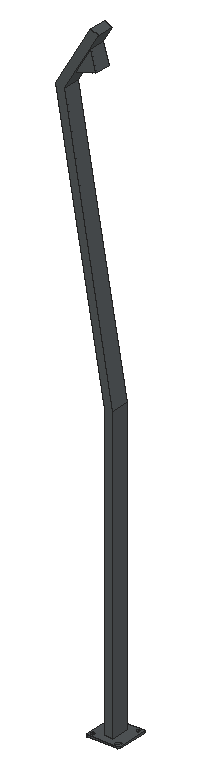
Revit family "Брейк", category Осветительные приборы, Revit 2019 (continued)
Types (3, lengths in mm): name | Файл фотометрической сетки | built-in parameter 1150105 | Lumens | built-in parameter 1150106 | built-in parameter 1150142 | Wattage | ADSK_Фактическая мощность | ADSK_Номинальная мощность | ADSK_Наименование | ADSK_Масса_Текст | ADSK_Масса | ADSK_Артикул | 60вт
  (no name) | "DTU-159-AF Break 30W 150х70 2700K.ies" | 262.61 (stored number, unit not read) | 3300 lm | 2.6261 (stored number, unit not read) | "IESNA:LM-63-1995\r\n[TEST]\t\tALF\r\n[MANUFAC]\tALFRESCO\r\n[LUMCAT]\tDTU-159-AF Break\r\n[LUMINAIRE]\tDTU-159-AF Break 30W 150?70 2700K\r\n[LAMP]\t\tLED Seoul Semiconductor љСWE\r\n[DATE]\t\tLDT Editor version 1.3.0.0 - DIAL GmbH (www.dial.de) on 20-07-2022\r\n[OTHER]\t\tEULUMDAT file: E:\\АРХИВ IES и 3d\\декоративные\\Брейк ДТУ-159\\DTU-159-AF\r\n Break 30W 150х70 2700K.ldt\r\nTILT=NONE\r\n1 3453.1 3.453 91 72 1 2 0.10 0.10 0.00\r\n1.0 1 28.8\r\n0.0 1.0 2.0 3.0 4.0 5.0 6.0 7.0 8.0 9.0 10.0 11.0 12.0 13.0 14.0 15.0 16.0 17.0 18.0 19.0 20.0 21.0 22.0 23.0 24.0 25.0 26.0 27.0\r\n 28.0 29.0 30.0 31.0 32.0 33.0 34.0 35.0 36.0 37.0 38.0 39.0 40.0 41.0 42.0 43.0 44.0 45.0 46.0 47.0 48.0 49.0 50.0 51.0 52.0 53.0\r\n 54.0 55.0 56.0 57.0 58.0 59.0 60.0 61.0 62.0 63.0 64.0 65.0 66.0 67.0 68.0 69.0 70.0 71.0 72.0 73.0 74.0 75.0 76.0 77.0 78.0 79.0\r\n 80.0 81.0 82.0 83.0 84.0 85.0 86.0 87.0 88.0 89.0 90.0\r\n0.0 5.0 10.0 15.0 20.0 25.0 30.0 35.0 40.0 45.0 50.0 55.0 60.0 65.0 70.0 75.0 80.0 85.0 90.0 95.0 100.0 105.0 110.0 115.0 120.0\r\n 125.0 130.0 135.0 140.0 145.0 150.0 155.0 160.0 165.0 170.0 175.0 180.0 185.0 190.0 195.0 200.0 205.0 210.0 215.0 220.0 225.0\r\n 230.0 235.0 240.0 245.0 250.0 255.0 260.0 265.0 270.0 275.0 280.0 285.0 290.0 295.0 300.0 305.0 310.0 315.0 320.0 325.0 330.0\r\n 335.0 340.0 345.0 350.0 355.0 360.0\r\n325.0 291.3 261.2 236.1 215.4 197.8 183.6 174.5 170.9 169.9 168.6 165.4 160.8 155.3 148.2 138.6 127.2 115.6 105.9 98.9 94.8 93.1\r\n 92.8 93.0 93.3 93.8 94.2 93.6 91.5 88.0 84.8 82.7 81.8 81.1 80.1 78.3 75.6 72.0 68.3 65.0 62.6 60.7 58.8 56.4 53.5 50.4 47.1 44.2\r\n 42.0 41.0 41.0 41.4 41.5 41.0 39.8 38.5 37.1 36.1 35.7 36.0 37.2 39.3 42.4 46.2 50.5 55.1 59.5 63.1 65.2 65.9 65.2 63.1 59.4 53.8\r\n 46.8 39.5 33.0 27.4 23.0 19.4 16.4 14.1 12.3 11.1 10.1 9.2 8.1 6.9 5.7 4.5 4.3\r\n325.0 291.3 262.8 240.5 221.6 203.8 188.1 177.2 172.0 169.9 168.0 165.2 161.3 156.8 150.2 141.2 130.2 118.8 108.5 100.8 96.1 94.1\r\n 93.8 93.9 93.7 93.2 92.6 91.5 89.4 86.7 84.3 82.9 82.3 81.5 80.3 78.1 75.3 71.6 67.8 64.4 61.8 59.7 57.6 55.2 52.3 49.3 46.3 43.8\r\n 42.1 41.3 41.3 41.5 41.5 40.9 39.8 38.6 37.5 36.8 36.5 36.8 37.8 39.5 42.0 45.3 49.4 53.8 58.2 61.8 64.2 65.1 64.5 62.4 58.6 53.0\r\n 46.3 39.3 32.9 27.4 22.9 19.3 16.4 14.2 12.5 11.3 10.4 9.5 8.4 7.1 5.9 4.9 3.3\r\n325.0 290.1 262.4 242.8 227.4 211.7 196.2 183.6 175.5 171.1 168.1 165.6 162.7 159.4 154.1 146.7 136.6 125.1 113.7 104.3 98.3 95.9\r\n 95.6 95.7 95.1 93.8 92.1 90.3 88.1 85.8 84.1 83.1 82.6 81.8 80.5 78.2 75.3 71.7 68.0 64.5 61.8 59.5 57.1 54.5 51.7 48.8 46.1 44.0\r\n 42.6 42.0 41.7 41.6 41.3 40.8 39.9 39.0 38.4 38.1 38.1 38.3 38.8 39.8 41.5 44.0 47.5 51.5 55.6 59.0 61.3 62.4 62.0 60.1 56.5 51.4\r\n 45.3 38.9 32.9 27.5 23.1 19.6 16.8 14.6 13.0 11.7 10.8 9.8 8.7 7.4 6.3 5.3 5.3\r\n325.0 288.2 260.0 242.1 230.6 219.1 206.1 192.8 181.9 174.5 169.9 167.1 164.6 162.2 158.3 152.8 144.1 132.9 120.3 109.2 101.6 98.2\r\n 97.5 97.5 96.7 94.9 92.5 90.0 87.5 85.4 83.8 83.0 82.5 81.6 80.2 77.8 75.0 71.5 68.2 65.0 62.3 59.7 57.1 54.3 51.4 48.6 46.2 44.4\r\n 43.2 42.3 41.7 41.2 40.7 40.1 39.4 38.8 38.5 38.6 38.9 39.0 39.1 39.3 40.1 41.8 44.5 47.8 51.2 54.1 56.4 57.7 57.7 56.2 53.3 49.0\r\n 43.8 38.2 32.7 27.6 23.3 20.0 17.3 15.1 13.4 12.1 11.1 10.2 9.1 7.9 6.7 5.7 4.7\r\n325.0 288.1 259.3 241.6 232.5 225.4 215.8 202.9 190.1 180.4 174.3 170.9 168.0 165.5 162.2 157.8 150.5 139.9 127.1 114.9 106.1\r\n 101.4 99.7 99.3 98.1 96.0 93.1 90.2 87.4 85.1 83.4 82.4 81.8 80.8 79.2 76.6 73.7 70.5 67.6 64.9 62.4 59.8 57.0 54.1 51.3 48.6\r\n 46.3 44.6 43.3 42.2 41.1 40.0 39.0 38.2 37.4 36.8 36.6 36.9 37.4 37.5 37.3 37.1 37.2 38.2 39.9 42.1 44.6 47.1 49.3 50.8 51.4 50.6\r\n 48.6 45.5 41.5 36.8 31.9 27.2 23.2 20.0 17.5 15.3 13.7 12.4 11.4 10.4 9.4 8.3 7.2 6.2 4.7\r\n325.0 290.3 261.7 243.0 234.4 229.7 223.1 211.7 198.8 188.3 181.6 177.4 173.4 169.6 165.7 161.5 155.1 145.6 133.7 121.8 112.2\r\n 106.1 103.0 101.6 99.8 97.2 93.8 90.5 87.4 85.0 83.1 81.9 81.1 80.0 78.0 75.0 71.7 68.5 65.9 63.7 61.6 59.2 56.5 53.8 51.0 48.5\r\n 46.3 44.6 43.0 41.5 39.9 38.2 36.8 35.5 34.5 33.6 33.2 33.3 33.6 33.8 33.5 33.0 32.8 33.1 33.9 35.2 36.7 38.6 40.8 42.5 43.6 43.5\r\n 42.5 40.5 37.8 34.1 29.9 25.8 22.3 19.4 17.1 15.1 13.5 12.2 11.3 10.4 9.5 8.5 7.5 6.5 6.7\r\n325.0 295.3 268.7 249.0 238.8 234.1 228.4 218.3 206.4 196.8 190.2 185.3 179.9 174.5 169.5 164.8 158.8 150.5 140.3 129.5 119.8\r\n 112.5 108.0 105.4 102.9 99.6 95.4 91.4 88.0 85.3 83.1 81.8 80.9 79.7 77.3 73.8 69.9 66.5 64.0 62.0 60.2 58.0 55.6 53.1 50.7 48.5\r\n 46.4 44.6 42.8 40.8 38.6 36.4 34.5 33.0 31.6 30.4 29.6 29.2 29.2 29.1 28.6 28.1 27.7 27.6 27.8 28.3 29.1 30.4 32.1 33.7 34.9 35.2\r\n 35.0 34.1 32.3 29.7 26.5 23.2 20.4 18.1 16.1 14.4 12.9 11.8 10.9 10.2 9.3 8.4 7.5 6.8 5.4\r\n325.0 301.2 277.7 257.8 245.7 239.0 232.7 223.2 212.5 203.6 197.1 191.4 185.2 179.2 173.7 168.9 163.1 156.0 147.6 138.2 128.9\r\n 120.9 115.4 111.7 108.3 103.9 98.7 93.8 89.7 86.6 84.2 82.9 81.9 80.6 77.9 74.0 69.7 66.0 63.3 61.2 59.3 57.1 54.7 52.4 50.4 48.5\r\n 46.7 44.8 42.7 40.4 37.9 35.5 33.4 31.6 30.0 28.5 27.2 26.4 25.8 25.2 24.5 23.9 23.4 23.2 23.0 23.0 23.3 23.9 24.9 26.0 26.8 27.2\r\n 27.3 27.0 26.0 24.3 22.0 19.7 17.7 16.1 14.7 13.3 12.1 11.1 10.4 9.7 9.0 8.1 7.3 6.5 7.2\r\n325.0 306.2 286.4 267.6 254.4 245.2 237.3 227.4 216.8 207.7 200.3 193.9 187.8 182.8 178.1 173.7 168.4 162.3 155.1 147.2 138.9\r\n 131.3 125.4 120.9 116.4 110.9 104.7 99.0 94.2 90.6 87.9 86.4 85.2 83.7 80.6 76.5 72.1 68.4 65.4 62.8 60.2 57.4 54.7 52.5 50.7\r\n 49.2 47.5 45.6 43.3 40.8 38.2 35.8 33.6 31.7 29.9 28.2 26.7 25.5 24.4 23.4 22.4 21.5 20.9 20.5 20.3 20.0 19.8 19.9 20.1 20.5 20.7\r\n 20.8 20.8 20.6 20.1 19.0 17.5 16.1 14.9 13.9 13.1 12.1 11.2 10.5 9.9 9.3 8.6 7.8 6.9 6.0 4.7\r\n325.0 307.2 289.7 273.3 260.8 250.5 241.4 231.1 220.3 210.1 201.0 193.9 188.6 185.3 182.2 178.9 174.2 168.8 162.6 156.2 149.4\r\n 143.1 137.6 132.5 127.1 120.8 113.9 107.8 102.7 98.9 95.9 94.1 92.6 90.5 87.0 82.7 78.3 74.6 71.3 67.9 64.3 60.4 57.1 54.7 53.1\r\n 51.8 50.2 48.1 45.6 42.9 40.3 38.0 35.8 33.8 31.9 30.2 28.6 27.3 25.9 24.5 23.0 21.8 20.9 20.3 19.9 19.4 18.9 18.5 18.1 17.8 17.5\r\n 17.1 16.7 16.4 16.0 15.2 14.3 13.4 12.7 12.2 11.7 11.1 10.6 10.0 9.6 9.1 8.5 7.6 6.7 5.6 4.0\r\n325.0 302.8 284.7 271.3 261.7 252.6 243.8 234.1 223.9 213.1 202.9 194.9 190.0 187.7 186.0 183.7 179.9 175.3 170.1 165.0 160.2\r\n 155.6 150.8 145.8 139.9 133.4 126.7 120.8 116.0 112.4 109.6 107.4 105.3 102.6 98.8 94.3 89.9 85.9 82.2 77.9 73.1 68.2 64.2 61.5\r\n 60.0 58.7 57.1 54.8 52.0 48.9 46.1 43.7 41.5 39.5 37.5 35.9 34.5 33.3 31.9 30.2 28.3 26.6 25.2 24.2 23.4 22.6 21.7 20.9 20.1 19.3\r\n 18.3 17.2 16.3 15.5 14.8 14.1 13.3 12.5 11.9 11.5 11.1 10.6 10.2 9.9 9.6 9.1 8.5 7.6 6.7 6.0 4.4\r\n325.0 293.9 272.5 262.0 257.3 251.9 245.2 237.3 228.9 219.1 208.8 199.9 194.3 191.5 190.1 188.3 185.6 181.9 178.1 174.5 171.3\r\n 168.0 164.2 159.8 154.5 148.8 142.8 137.5 133.4 130.4 128.0 125.9 123.5 120.6 116.9 112.6 108.2 103.8 99.4 94.4 88.9 83.4 79.1\r\n 76.2 74.6 73.3 71.7 69.3 66.1 62.8 59.6 56.9 54.5 52.5 50.7 49.3 48.3 47.3 46.0 44.3 42.2 40.0 38.0 36.2 34.6 33.0 31.5 30.2 29.0\r\n 27.7 26.0 24.0 21.9 20.0 18.4 17.0 15.5 14.1 13.0 12.1 11.4 10.9 10.4 10.0 9.7 9.3 8.6 7.8 7.0 6.6 8.1\r\n325.0 284.5 259.4 251.7 252.4 251.8 247.8 242.1 236.2 228.3 218.9 209.2 202.4 198.1 196.0 194.0 192.1 189.7 187.6 185.3 183.1\r\n 180.5 177.5 174.3 170.6 166.6 161.9 157.7 154.2 151.8 149.9 148.2 146.3 143.9 141.1 137.5 133.5 129.1 124.3 118.9 113.2 107.8\r\n 103.7 101.0 99.4 98.2 96.7 94.6 91.7 88.5 85.2 82.4 80.0 78.0 76.3 75.1 74.4 73.9 73.0 71.5 69.3 66.8 64.1 61.4 58.6 55.8 53.3\r\n 51.3 49.6 47.7 45.1 41.6 37.5 33.4 29.6 26.0 22.5 19.3 16.7 14.7 13.2 12.0 11.1 10.5 10.0 9.4 8.8 7.9 7.1 6.6 7.4\r\n325.0 279.4 252.4 247.2 252.4 255.8 254.5 250.5 246.5 240.3 231.9 221.9 213.8 207.9 204.6 201.9 200.3 199.1 198.7 197.8 196.3\r\n 193.9 191.6 189.9 188.6 186.7 183.9 180.6 177.6 175.4 173.9 172.8 171.9 170.8 169.3 167.1 164.1 160.3 155.8 150.7 145.6 141.2\r\n 137.9 135.9 134.6 134.0 133.3 132.2 130.5 128.3 125.8 123.3 121.0 119.2 117.5 116.4 115.8 115.7 115.4 114.5 112.6 109.9 106.6\r\n 102.9 98.8 94.7 91.0 88.3 86.2 83.9 80.3 74.8 67.9 60.1 52.3 44.3 36.8 29.9 24.3 19.9 16.6 14.1 12.4 11.3 10.4 9.7 8.9 8.0 7.1\r\n 6.0 3.9\r\n325.0 279.0 252.5 248.5 256.3 262.4 263.6 261.1 258.3 253.2 246.1 236.8 228.3 221.3 216.4 212.7 211.0 210.6 211.6 211.8 210.9\r\n 209.0 207.7 207.9 208.9 209.5 208.6 206.5 204.0 201.9 200.5 199.9 199.9 200.0 200.1 199.5 198.0 195.4 191.9 188.1 184.6 182.0\r\n 180.1 179.2 178.9 179.5 180.4 181.1 181.3 180.9 179.9 178.6 176.9 175.1 173.4 171.9 171.2 171.4 171.9 171.8 170.4 167.9 164.5\r\n 160.2 155.2 150.2 146.0 143.2 141.5 139.2 134.8 127.1 116.5 103.7 89.6 75.0 60.7 47.8 37.0 28.5 22.1 17.5 14.4 12.5 11.1 10.1 9.1\r\n 8.2 7.2 6.0 3.1\r\n325.0 282.1 256.9 252.6 260.8 268.8 272.8 272.3 270.5 266.3 260.4 252.6 244.6 236.9 230.5 225.7 223.7 223.9 225.7 226.9 227.1\r\n 226.4 226.8 228.9 232.2 234.9 236.0 235.3 233.7 231.8 230.5 230.1 230.6 231.8 233.3 234.5 234.6 233.4 231.6 230.0 229.1 229.1\r\n 229.4 230.0 231.3 233.6 236.4 239.1 241.1 242.6 243.4 243.5 242.7 241.2 239.0 237.0 235.8 236.3 237.6 238.6 238.2 236.4 233.4\r\n 229.4 224.6 219.9 216.7 215.5 215.3 213.9 209.0 199.1 184.2 165.0 142.8 118.9 95.3 73.8 55.5 41.0 30.0 22.3 17.3 14.2 12.3 10.9\r\n 9.7 8.6 7.6 6.5 6.8\r\n325.0 286.0 261.6 255.6 262.7 272.1 279.0 281.0 280.1 276.8 272.5 267.1 260.6 253.0 246.0 240.8 238.7 239.1 241.1 242.8 244.1\r\n 245.4 248.1 252.3 257.5 261.9 264.8 265.9 265.9 265.1 264.3 264.0 265.1 267.4 270.5 273.5 275.1 275.4 275.4 276.5 279.0 282.3\r\n 285.3 288.0 290.9 294.9 299.2 303.2 306.3 308.9 311.1 312.5 312.4 310.9 308.1 305.4 303.8 304.7 307.1 309.5 310.5 310.1 308.4\r\n 305.7 302.6 300.3 300.1 302.3 305.0 305.2 300.0 287.8 267.7 241.0 208.8 173.8 138.8 106.4 78.7 56.4 39.8 28.3 21.0 16.7 14.1 12.4\r\n 10.9 9.6 8.4 7.4 6.2\r\n325.0 290.7 267.3 259.5 264.4 274.4 283.1 287.0 286.7 283.7 280.4 277.0 272.7 267.0 261.1 256.9 255.6 256.2 257.9 259.6 262.1\r\n 265.5 270.6 276.6 282.9 288.3 292.7 295.9 298.0 299.2 299.8 300.7 303.0 306.9 312.0 316.8 319.8 321.4 323.2 327.3 333.5 340.6\r\n 346.6 351.3 355.6 360.4 365.2 369.1 372.0 374.6 377.1 379.3 379.7 378.2 374.8 371.4 369.8 371.2 374.9 379.0 381.9 383.3 383.4\r\n 382.8 382.5 384.0 388.4 395.2 401.6 404.1 398.9 384.0 358.4 323.3 280.5 233.7 186.4 142.4 104.2 73.5 50.7 35.3 25.6 20.0 16.6\r\n 14.4 12.5 11.0 9.7 8.5 6.2\r\n325.0 294.5 272.3 263.1 265.7 274.8 283.6 288.1 287.9 285.3 282.8 281.4 280.2 278.1 275.7 274.0 274.1 275.0 276.3 277.7 280.8\r\n 285.7 292.6 299.8 306.7 312.8 318.4 323.3 327.5 330.9 333.9 337.3 341.9 348.4 355.6 362.2 366.5 369.3 372.6 379.2 388.6 399.2\r\n 408.1 414.7 419.7 424.2 428.0 430.6 432.1 433.6 435.7 438.1 438.9 437.5 433.5 429.7 428.1 430.4 435.4 441.1 445.5 448.5 450.3\r\n 452.0 454.8 460.2 469.3 480.6 490.8 495.5 490.4 473.2 442.5 399.7 347.2 289.6 231.3 176.5 128.7 90.1 61.6 42.4 30.5 23.6 19.4\r\n 16.6 14.4 12.5 11.0 10.0 10.2\r\n325.0 295.7 273.8 264.1 265.0 272.5 279.9 284.4 284.9 283.2 281.8 282.5 284.9 287.5 289.6 291.1 292.8 294.3 295.7 297.3 300.7\r\n 306.1 313.5 321.3 328.9 335.8 342.3 348.2 353.6 358.8 364.5 371.0 378.9 388.2 397.7 405.9 411.3 415.1 419.6 427.7 438.9 451.4\r\n 462.3 470.2 475.4 478.7 480.6 480.8 479.9 479.3 480.3 482.8 484.3 483.3 479.2 475.0 473.4 476.0 481.4 487.5 492.5 496.1 499.0\r\n 502.1 506.9 514.8 526.6 540.7 553.1 559.3 554.5 536.0 502.0 454.2 395.3 330.6 264.7 202.4 147.7 103.3 70.5 48.3 34.7 26.7 21.9\r\n 18.6 15.9 13.7 12.1 11.3 11.2\r\n325.0 293.0 269.7 259.7 259.9 266.0 272.2 276.8 278.9 279.5 280.7 284.2 290.2 297.1 303.1 307.3 310.3 312.6 314.6 316.8 320.2\r\n 325.2 332.3 340.7 349.5 357.9 365.5 372.0 377.6 383.8 391.3 400.7 411.4 423.3 434.6 444.3 450.6 455.1 459.9 467.7 478.4 490.7\r\n 501.9 510.3 515.6 517.9 518.0 515.6 512.0 508.9 508.2 510.2 512.1 511.6 507.6 503.1 500.8 502.6 506.8 511.4 514.7 517.3 519.8\r\n 523.0 528.0 535.9 547.2 560.7 572.5 578.1 573.0 554.3 520.0 471.4 411.2 344.6 276.6 212.2 155.3 109.0 74.6 51.2 36.8 28.2 23.1\r\n 19.5 16.7 14.3 12.4 11.1 12.8\r\n325.0 288.5 263.1 253.2 254.3 260.5 266.3 271.1 274.6 277.9 282.2 288.9 297.9 307.4 315.5 321.4 325.3 328.5 331.5 334.5 337.7\r\n 342.0 348.5 357.4 367.9 378.6 388.0 395.4 401.3 407.6 415.9 426.6 438.7 451.8 464.2 474.9 482.2 487.0 491.2 497.0 505.1 514.5\r\n 523.9 531.5 536.7 538.8 538.0 534.1 528.2 522.3 519.2 519.4 520.5 519.8 515.5 510.2 506.4 505.6 506.4 506.9 506.3 505.7 505.8\r\n 507.4 510.2 515.3 522.7 531.6 539.2 541.7 535.3 517.2 485.4 440.5 384.7 322.7 259.3 199.3 146.5 103.5 71.3 49.3 35.5 27.3 22.4\r\n 19.0 16.3 13.9 11.8 10.1 7.3\r\n325.0 285.9 259.8 251.1 254.3 261.6 267.4 271.4 274.7 279.4 286.6 296.3 307.1 317.6 326.4 333.2 338.2 342.3 345.7 348.8 351.7\r\n 355.4 361.4 370.6 382.5 395.4 407.4 416.9 424.0 430.5 438.3 448.2 459.6 472.2 484.7 495.9 504.1 509.2 512.3 515.3 519.3 524.3\r\n 529.8 535.0 539.1 541.2 540.8 536.6 529.5 521.3 514.8 511.2 509.0 505.7 499.6 492.4 485.8 481.0 476.6 471.5 465.3 459.6 455.5\r\n 453.5 452.6 453.0 454.3 456.3 457.2 454.7 446.1 429.2 402.1 364.7 318.3 266.6 213.9 164.5 121.5 86.7 60.6 42.5 31.1 24.2 20.0\r\n 17.1 14.7 12.6 10.5 8.3 5.9\r\n325.0 286.7 262.3 256.5 262.8 272.1 277.6 279.1 280.2 284.3 293.0 304.3 316.0 326.5 335.3 343.0 349.1 354.1 358.0 361.2 364.0\r\n 367.3 372.6 381.0 392.8 406.8 421.0 433.1 442.5 449.9 457.0 464.9 474.0 484.6 495.9 506.9 515.4 520.7 522.8 523.3 523.2 523.3\r\n 523.8 524.6 525.8 526.7 526.0 521.9 514.1 503.7 493.3 484.2 476.0 467.7 457.9 447.4 436.9 427.4 417.5 406.8 395.0 384.0 375.1\r\n 368.7 363.6 359.0 354.4 349.8 344.4 337.3 327.0 312.2 291.2 263.4 229.1 191.2 152.9 117.8 87.9 64.0 46.0 33.3 25.1 20.0 16.8 14.5\r\n 12.6 10.7 8.9 7.1 4.4\r\n325.0 290.3 269.2 266.2 275.4 286.3 291.5 290.4 288.7 291.2 300.1 311.8 323.3 333.0 341.8 350.3 358.0 364.4 369.4 373.4 376.7\r\n 379.9 384.1 390.5 400.4 413.2 427.9 442.0 453.7 462.5 469.2 475.2 481.8 489.8 499.0 508.4 515.8 520.5 521.7 520.2 516.7 512.3\r\n 507.4 502.9 499.2 496.4 493.3 487.8 478.7 466.2 451.9 437.1 422.3 407.9 393.2 378.8 364.6 351.1 337.3 322.8 307.5 293.0 280.4\r\n 270.5 262.3 254.4 246.4 238.0 229.3 220.0 209.9 198.2 183.8 165.6 143.6 119.4 95.6 74.4 57.0 43.2 32.8 25.1 19.9 16.5 14.1 12.2\r\n 10.6 9.1 7.6 5.9 4.9\r\n325.0 295.3 277.4 275.9 286.0 297.7 303.3 301.3 298.2 299.6 307.9 318.8 329.2 337.7 345.9 354.7 363.8 372.3 379.8 386.1 391.1\r\n 394.7 398.0 401.9 408.3 417.7 430.4 444.1 456.9 466.6 473.6 479.1 484.3 490.0 496.2 502.2 506.6 509.0 508.2 504.6 498.0 489.7\r\n 480.0 470.0 460.4 452.0 444.1 435.1 423.4 408.6 391.0 372.1 352.7 333.9 315.9 298.9 282.5 266.9 251.6 236.4 220.8 205.6 192.1\r\n 180.9 171.5 162.9 154.3 145.5 136.8 128.2 120.0 111.9 103.3 93.1 81.0 67.9 55.4 44.8 36.5 29.9 24.7 20.5 17.3 14.8 12.8 11.1 9.6\r\n 8.3 7.0 5.7 2.0\r\n325.0 301.4 286.1 283.6 291.5 302.5 309.0 308.7 307.0 308.6 316.3 325.8 334.6 341.4 348.3 356.7 366.8 377.8 388.6 398.2 405.8\r\n 410.8 413.9 415.8 418.5 423.6 432.5 443.7 455.2 464.4 471.2 476.5 481.2 485.2 488.0 489.5 489.2 487.5 483.1 476.2 466.1 454.0\r\n 440.1 425.5 410.5 396.5 383.2 370.1 355.5 338.6 319.4 299.0 278.3 258.7 240.4 223.4 207.1 191.9 177.8 164.3 150.8 137.5 125.2\r\n 114.8 106.4 98.9 91.8 84.7 77.9 71.5 65.9 61.0 56.6 51.8 46.2 40.2 34.8 30.4 27.1 24.5 22.0 19.5 17.1 14.8 12.8 11.1 9.7 8.4 7.2\r\n 5.9 5.7\r\n325.0 308.7 296.1 291.4 295.2 303.8 310.7 313.2 314.1 317.2 324.7 333.2 340.7 345.9 351.3 358.8 369.4 382.3 395.9 408.5 418.8\r\n 426.0 429.8 430.8 430.8 432.1 436.9 444.5 453.0 459.9 465.3 469.4 472.8 474.5 473.6 470.3 464.7 458.0 449.2 438.2 424.1 408.3\r\n 390.9 372.9 354.3 336.4 319.6 303.8 287.2 269.4 250.1 230.6 211.6 194.3 178.4 163.7 149.6 136.6 124.8 114.0 103.5 93.0 83.2 74.9\r\n 68.2 62.6 57.5 52.5 47.8 43.4 39.9 37.3 35.3 33.4 31.2 28.9 26.9 25.5 24.5 23.4 22.0 20.1 17.9 15.6 13.5 11.8 10.3 9.0 7.8 6.8\r\n 6.0\r\n325.0 315.8 306.2 299.4 299.0 304.3 310.7 315.0 318.7 323.8 331.5 339.6 346.6 351.5 356.6 363.8 374.6 388.1
